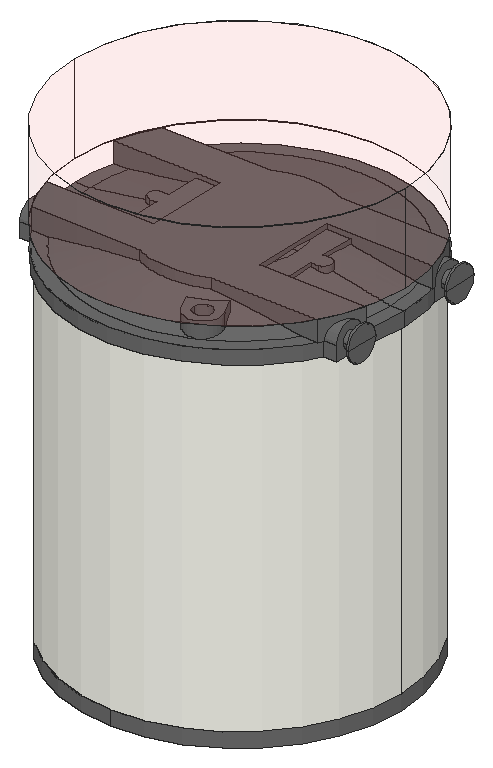
Revit family (continued)
Definition of nested family "Cooling_Plant_Accessories-Calmac-IceBank-Lid_C"
  Dimensions and locks (in)
    aligned and locked: curve 128 to cut or joined group of Revolve 1, Extrusion 2, Extrusion 4, Extrusion 5
    aligned and locked: curve 129 to cut or joined group of Revolve 1, Extrusion 2, Extrusion 4, Extrusion 5
    aligned and locked: curve 130 to cut or joined group of Revolve 1, Extrusion 2, Extrusion 4, Extrusion 5
    aligned and locked: curve 131 to cut or joined group of Revolve 1, Extrusion 2, Extrusion 4, Extrusion 5
    aligned and locked: curve 132 to cut or joined group of Revolve 1, Extrusion 2, Extrusion 4, Extrusion 5
    aligned and locked: curve 133 to cut or joined group of Revolve 1, Extrusion 2, Extrusion 4, Extrusion 5
    aligned and locked: curve 134 to cut or joined group of Revolve 1, Extrusion 2, Extrusion 4, Extrusion 5
    aligned and locked: curve 135 to cut or joined group of Revolve 1, Extrusion 2, Extrusion 4, Extrusion 5
    aligned and locked: curve 136 to cut or joined group of Revolve 1, Extrusion 2, Extrusion 4, Extrusion 5
    aligned and locked: curve 137 to cut or joined group of Revolve 1, Extrusion 2, Extrusion 4, Extrusion 5
    aligned and locked: curve 138 to cut or joined group of Revolve 1, Extrusion 2, Extrusion 4, Extrusion 5
    aligned and locked: curve 139 to cut or joined group of Revolve 1, Extrusion 2, Extrusion 4, Extrusion 5
    aligned and locked: curve 140 to cut or joined group of Revolve 1, Extrusion 2, Extrusion 4, Extrusion 5
    aligned and locked: curve 141 to cut or joined group of Revolve 1, Extrusion 2, Extrusion 4, Extrusion 5
    aligned and locked: curve 142 to cut or joined group of Revolve 1, Extrusion 2, Extrusion 4, Extrusion 5
    aligned and locked: curve 143 to cut or joined group of Revolve 1, Extrusion 2, Extrusion 4, Extrusion 5
    aligned and locked: curve 144 to cut or joined group of Revolve 1, Extrusion 2, Extrusion 4, Extrusion 5
    aligned and locked: curve 145 to cut or joined group of Revolve 1, Extrusion 2, Extrusion 4, Extrusion 5
    aligned and locked: curve 146 to cut or joined group of Revolve 1, Extrusion 2, Extrusion 4, Extrusion 5
    aligned and locked: curve 147 to cut or joined group of Revolve 1, Extrusion 2, Extrusion 4, Extrusion 5
    aligned and locked: curve 148 to cut or joined group of Revolve 1, Extrusion 2, Extrusion 4, Extrusion 5
    aligned and locked: cut or joined group of Revolve 1, Extrusion 2, Extrusion 4, Extrusion 5 to curve 149
    aligned and locked: curve 150 to cut or joined group of Revolve 1, Extrusion 2, Extrusion 4, Extrusion 5
    aligned and locked: curve 151 to cut or joined group of Revolve 1, Extrusion 2, Extrusion 4, Extrusion 5
    aligned and locked: cut or joined group of Revolve 1, Extrusion 2, Extrusion 4, Extrusion 5 to curve 152
    aligned and locked: curve 153 to cut or joined group of Revolve 1, Extrusion 2, Extrusion 4, Extrusion 5
    aligned and locked: curve 154 to cut or joined group of Revolve 1, Extrusion 2, Extrusion 4, Extrusion 5
    aligned and locked: curve 155 to cut or joined group of Revolve 1, Extrusion 2, Extrusion 4, Extrusion 5
    aligned and locked: curve 156 to cut or joined group of Revolve 1, Extrusion 2, Extrusion 4, Extrusion 5
    aligned and locked: curve 157 to cut or joined group of Revolve 1, Extrusion 2, Extrusion 4, Extrusion 5
    aligned and locked: curve 158 to cut or joined group of Revolve 1, Extrusion 2, Extrusion 4, Extrusion 5
    aligned and locked: curve 159 to cut or joined group of Revolve 1, Extrusion 2, Extrusion 4, Extrusion 5
    aligned and locked: curve 160 to cut or joined group of Revolve 1, Extrusion 2, Extrusion 4, Extrusion 5
    aligned and locked: curve 161 to cut or joined group of Revolve 1, Extrusion 2, Extrusion 4, Extrusion 5
    aligned and locked: curve 162 to cut or joined group of Revolve 1, Extrusion 2, Extrusion 4, Extrusion 5
    aligned and locked: curve 163 to cut or joined group of Revolve 1, Extrusion 2, Extrusion 4, Extrusion 5
    aligned and locked: curve 164 to cut or joined group of Revolve 1, Extrusion 2, Extrusion 4, Extrusion 5
    aligned and locked: curve 127 to curve 165
    aligned and locked: plane 19 "Rigging Front" to curve 166
    aligned and locked: plane 9 "Rigging Back" to curve 166
    aligned and locked: curve 121 to curve 167
    aligned and locked: plane 19 "Rigging Front" to curve 168
    aligned and locked: plane 9 "Rigging Back" to curve 168
    aligned and locked: plane 8 "Piping Back" to curve 167  (x2)
    aligned and locked: Masking region 3 sketch curve to plane 5 "Back Connector Back"
    aligned and locked: Masking region 3 sketch curve to plane 44 "Connection Sleeve Left"
    aligned and locked: plane 45 "Connection Sleeve Right" to Masking region 3 sketch curve
    aligned and locked: plane 15 "Front Connection Front" to Masking region 3 sketch curve
    aligned and locked: curve 169 to cut or joined group of Revolve 1, Extrusion 2, Extrusion 4, Extrusion 5
    aligned and locked: curve 170 to cut or joined group of Revolve 1, Extrusion 2, Extrusion 4, Extrusion 5
    aligned and locked: curve 171 to curve 169
    aligned and locked: curve 172 to curve 170
    aligned and locked: curve 173 to cut or joined group of Revolve 1, Extrusion 2, Extrusion 4, Extrusion 5
    aligned and locked: curve 174 to cut or joined group of Revolve 1, Extrusion 2, Extrusion 4, Extrusion 5
    aligned and locked: curve 175 to cut or joined group of Revolve 1, Extrusion 2, Extrusion 4, Extrusion 5
    aligned and locked: curve 176 to cut or joined group of Revolve 1, Extrusion 2, Extrusion 4, Extrusion 5
    aligned and locked: curve 177 to cut or joined group of Revolve 1, Extrusion 2, Extrusion 4, Extrusion 5
    aligned and locked: curve 178 to cut or joined group of Revolve 1, Extrusion 2, Extrusion 4, Extrusion 5
    aligned and locked: curve 179 to cut or joined group of Revolve 1, Extrusion 2, Extrusion 4, Extrusion 5
    aligned and locked: curve 180 to cut or joined group of Revolve 1, Extrusion 2, Extrusion 4, Extrusion 5
    aligned and locked: cut or joined group of Revolve 1, Extrusion 2, Extrusion 4, Extrusion 5 to curve 181
    aligned and locked: curve 182 to cut or joined group of Revolve 1, Extrusion 2, Extrusion 4, Extrusion 5
    aligned and locked: curve 183 to cut or joined group of Revolve 1, Extrusion 2, Extrusion 4, Extrusion 5
    aligned and locked: curve 184 to cut or joined group of Revolve 1, Extrusion 2, Extrusion 4, Extrusion 5
    aligned and locked: curve 185 to cut or joined group of Revolve 1, Extrusion 2, Extrusion 4, Extrusion 5
    aligned and locked: curve 186 to cut or joined group of Revolve 1, Extrusion 2, Extrusion 4, Extrusion 5
    aligned and locked: curve 187 to cut or joined group of Revolve 1, Extrusion 2, Extrusion 4, Extrusion 5
    aligned and locked: curve 188 to cut or joined group of Revolve 1, Extrusion 2, Extrusion 4, Extrusion 5
    aligned and locked: curve 189 to cut or joined group of Revolve 1, Extrusion 2, Extrusion 4, Extrusion 5
    aligned and locked: curve 190 to cut or joined group of Revolve 1, Extrusion 2, Extrusion 4, Extrusion 5
    aligned and locked: cut or joined group of Revolve 1, Extrusion 2, Extrusion 4, Extrusion 5 to curve 191
    aligned and locked: cut or joined group of Revolve 1, Extrusion 2, Extrusion 4, Extrusion 5 to curve 192
    aligned and locked: cut or joined group of Revolve 1, Extrusion 2, Extrusion 4, Extrusion 5 to curve 193
    aligned and locked: cut or joined group of Revolve 1, Extrusion 2, Extrusion 4, Extrusion 5 to curve 194
    aligned and locked: curve 195 to cut or joined group of Revolve 1, Extrusion 2, Extrusion 4, Extrusion 5
    aligned and locked: cut or joined group of Revolve 1, Extrusion 2, Extrusion 4, Extrusion 5 to curve 196
    aligned and locked: curve 197 to cut or joined group of Revolve 1, Extrusion 2, Extrusion 4, Extrusion 5
    aligned and locked: cut or joined group of Revolve 1, Extrusion 2, Extrusion 4, Extrusion 5 to curve 198
    aligned and locked: plane 6 "Back Connector Center" to nested 4
    aligned and locked: nested 4 to plane 44 "Connection Sleeve Left"
    aligned and locked: nested 1 to plane 6 "Back Connector Center"
    aligned and locked: nested 1 to plane 45 "Connection Sleeve Right"
    aligned and locked: plane 16 "Fron Connector Center" to nested 2
    aligned and locked: nested 2 to plane 45 "Connection Sleeve Right"
    aligned and locked: nested 3 to plane 16 "Fron Connector Center"
    aligned and locked: nested 3 to plane 44 "Connection Sleeve Left"
    aligned and locked: plane 2 "Bottom" to curve 201
    aligned and locked: plane 1 "Center (Front/Back)" to curve 201
    aligned and locked: plane 3 "Center (Left/Right)" to nested 5
    aligned and locked: plane 1 "Center (Front/Back)" to nested 5
    aligned: plane 54 "Top of Clearance Box" to nested 5
    aligned: plane 55 "Top" to nested 5  (x4)
    aligned and locked: Masking region 1 to plane 55 "Top"
    aligned and locked: plane 57 "Center (Elevation)" to Extrusion 3 sketch curve  (x4)
    aligned and locked: plane 7 "Back Connector Front" to Extrusion 3 sketch curve
    aligned and locked: plane 55 "Top" to cut or joined group of Revolve 1, Extrusion 2, Extrusion 4, Extrusion 5
    aligned and locked: plane 57 "Center (Elevation)" to curve 172
    aligned and locked: cut or joined group of Revolve 1, Extrusion 2, Extrusion 4, Extrusion 5 to plane 57 "Center (Elevation)"
    aligned: plane 57 "Center (Elevation)" to nested 1  (x2)
    aligned: plane 57 "Center (Elevation)" to nested 2  (x2)
    aligned and locked: plane 57 "Center (Elevation)" to cut or joined group of Revolve 1, Extrusion 2, Extrusion 4, Extrusion 5  (x5)
    aligned and locked: curve 171 to plane 57 "Center (Elevation)"
    aligned: plane 57 "Center (Elevation)" to nested 3
    aligned and locked: curve 120 to plane 56 "Connector Channel Top"
    aligned and locked: curve 114 to plane 56 "Connector Channel Top"
    aligned: Masking region 2 to plane 55 "Top"
    aligned: plane 56 "Connector Channel Top" to Masking region 2
    aligned and locked: plane 21 "Top Front Edge" to Masking region 2
    aligned and locked: plane 58 "Front Inset 2" to Masking region 2
    aligned and locked: plane 57 "Center (Elevation)" to curve 78
    aligned and locked: curve 173 to plane 57 "Center (Elevation)"
    aligned and locked: curve 77 to plane 8 "Piping Back"
    aligned and locked: plane 9 "Rigging Back" to curve 86
    aligned and locked: plane 19 "Rigging Front" to curve 80
    aligned and locked: curve 95 to plane 18 "Piping Front"
    aligned and locked: curve 84 to plane 10 "Rigging Loop Back"
    aligned and locked: curve 82 to plane 20 "Rigging Loop Front"
    aligned and locked: cut or joined group of Revolve 1, Extrusion 2, Extrusion 4, Extrusion 5 to plane 56 "Connector Channel Top"
    aligned and locked: nested 5 to plane 54 "Top of Clearance Box"
    aligned and locked: plane 57 "Center (Elevation)" to nested 1
    aligned and locked: plane 57 "Center (Elevation)" to nested 2
    aligned and locked: plane 57 "Center (Elevation)" to nested 3
    aligned and locked: plane 55 "Top" to nested 5  (x6)
    aligned and locked: plane 54 "Top of Clearance Box" to nested 5  (x4)
    aligned and locked: Masking region 2 sketch curve to plane 55 "Top"
    aligned and locked: plane 56 "Connector Channel Top" to Masking region 2 sketch curve
    aligned and locked: curve 202 to curve 187
    aligned and locked: curve 203 to curve 186
    aligned and locked: curve 204 to curve 185
    aligned and locked: curve 205 to curve 184
    aligned and locked: curve 206 to curve 183
    aligned and locked: curve 207 to curve 182
    aligned and locked: curve 208 to curve 181
    aligned and locked: curve 209 to curve 180
    aligned and locked: curve 210 to curve 179
    aligned and locked: curve 211 to curve 190
    aligned and locked: curve 212 to curve 189
    aligned and locked: curve 213 to curve 188
    aligned and locked: curve 214 to curve 172
    aligned and locked: curve 215 to curve 171
  Automatic sketch dimensions
    Extrusion 4 sketch curve to Extrusion 4 sketch curve = 0"
    Extrusion 5 sketch curve to plane 9 "Rigging Back" = 0"
    Extrusion 2 sketch curve to Extrusion 2 sketch curve = 0"  (x5)
    Extrusion 2 sketch curve to plane 35 "Top Left" = 0"
    Extrusion 2 sketch curve to plane 3 "Center (Left/Right)" = 0"
    Extrusion 2 sketch curve to plane 9 "Rigging Back" = 0"
    plane 30 "Left Lip Inset" to Extrusion 2 sketch curve = 1.96722"  (x2)
    plane 38 "Lid Inset Right" to Extrusion 2 sketch curve = 1.96722"  (x2)
    Extrusion 2 sketch curve to plane 20 "Rigging Loop Front" = 0.60261"
    Extrusion 2 sketch curve to plane 10 "Rigging Loop Back" = 0.60261"
    Masking region 2 sketch curve to plane 27 "Pad Eye Front Center" = 0.69072"
    Masking region 3 sketch curve to Masking region 3 sketch curve = 0"  (x7)
    Masking region 3 sketch curve to plane 5 "Back Connector Back" = 0"
    plane 15 "Front Connection Front" to Masking region 3 sketch curve = 0"
    Masking region 3 sketch curve to plane 43 "Top Right" = 29.61091"
    Masking region 3 sketch curve to plane 45 "Connection Sleeve Right" = 0"
    plane 38 "Lid Inset Right" to Masking region 3 sketch curve = 1.34348"
    Revolve 1 sketch curve to Revolve 1 sketch curve = 3 3/4"
    Revolve 1 sketch curve to Revolve 1 sketch curve = 9"
    Revolve 1 sketch curve to Revolve 1 sketch curve = 0"
    Masking region 1 sketch curve to Masking region 1 sketch curve = 9 1/4"
    Masking region 2 sketch curve to plane 22 "Front Inset" = 0"
    Masking region 2 sketch curve to Masking region 2 sketch curve = 3 3/4"
    Masking region 2 sketch curve to Masking region 2 sketch curve = 0.64281"
    level to Masking region 2 sketch curve = 6.26888"
    level to Masking region 2 sketch curve = 6.54801"
    Masking region 2 sketch curve to Masking region 2 sketch curve = 0.27913"
    Masking region 2 sketch curve to Masking region 2 sketch curve = 3.60719"
    curve 97 to level = 0"
    curve 97 to plane 44 "Connection Sleeve Left" = 0"
    curve 119 to plane 57 "Center (Elevation)" = 0"
    curve 119 to level = 0"
    curve 100 to plane 50 "Top Left Inset" = 0"
    curve 99 to plane 3 "Center (Left/Right)" = 0"
    curve 101 to plane 56 "Connector Channel Top" = 0"
    plane 43 "Top Right" to curve 103 = 0"
    plane 51 "Top Right Inset" to curve 110 = 0"
    curve 116 to plane 57 "Center (Elevation)" = 0"
    plane 45 "Connection Sleeve Right" to curve 114 = 0"
    curve 111 to level = 0"
    curve 100 to plane 55 "Top" = 0"
    curve 110 to plane 55 "Top" = 0"
    plane 44 "Connection Sleeve Left" to curve 117 = 0.88726"
    curve 117 to plane 30 "Left Lip Inset" = 0.835"
    curve 117 to plane 50 "Top Left Inset" = 0.71316"
    curve 119 to curve 98 = 0.55915"
    plane 50 "Top Left Inset" to curve 115 = 4.45635"
    curve 99 to plane 32 "Left Rigging Loop Inset" = 1.17979"
    plane 35 "Top Left" to curve 99 = 0"
    plane 43 "Top Right" to curve 99 = 0.20898"
    plane 57 "Center (Elevation)" to curve 106 = 0.73854"
    curve 106 to plane 43 "Top Right" = 2.02375"
    plane 46 "Right Center" to curve 106 = 0.99812"
    plane 46 "Right Center" to curve 106 = 0.88046"
    curve 108 to plane 46 "Right Center" = 0.34333"
    plane 41 "Right Rigging Loop Left" to curve 107 = 0.48196"
    curve 107 to curve 107 = 0.0769"
    plane 41 "Right Rigging Loop Left" to curve 102 = 0.25712"
    curve 109 to curve 98 = 5.53004"
    curve 116 to plane 51 "Top Right Inset" = 0.55915"
    curve 112 to plane 51 "Top Right Inset" = 0.71316"
    curve 114 to plane 38 "Lid Inset Right" = 0.835"
    plane 45 "Connection Sleeve Right" to curve 112 = 0.88726"
    plane 57 "Center (Elevation)" to curve 107 = 0.21408"
    plane 57 "Center (Elevation)" to curve 101 = 1.59188"
    plane 57 "Center (Elevation)" to curve 112 = 1.76036"
    plane 57 "Center (Elevation)" to curve 118 = 1.76036"
    curve 104 to curve 109 = 1.3737"
    curve 101 to curve 99 = 1.22618"
    level to curve 115 = 6.56901"
    curve 198 to plane 18 "Piping Front" = 0"
    curve 198 to plane 57 "Center (Elevation)" = 0"
    curve 198 to plane 55 "Top" = 0"
    curve 197 to plane 57 "Center (Elevation)" = 0.14855"
    curve 197 to plane 8 "Piping Back" = 0"
    curve 197 to plane 55 "Top" = 0"
    curve 196 to plane 18 "Piping Front" = 0"
    curve 195 to plane 8 "Piping Back" = 0"
    curve 195 to plane 57 "Center (Elevation)" = 0"
    curve 195 to plane 55 "Top" = 0"
    curve 196 to plane 57 "Center (Elevation)" = 0"
    curve 196 to plane 55 "Top" = 0.21345"
    curve 122 to curve 126 = 0"  (x2)
    curve 122 to curve 130 = 0"  (x2)
    curve 122 to curve 134 = 0"  (x2)
    curve 122 to curve 140 = 0"  (x2)
    curve 122 to curve 141 = 0"
    curve 122 to curve 155 = 0"
    curve 122 to curve 156 = 0"  (x2)
    curve 122 to curve 166 = 0"  (x2)
    curve 122 to curve 168 = 0"  (x2)
    curve 122 to curve 171 = 0"  (x2)
    curve 122 to curve 173 = 0"  (x2)
    curve 122 to curve 174 = 0"  (x2)
    curve 122 to curve 175 = 0"  (x2)
    curve 122 to curve 176 = 0"
    curve 122 to curve 177 = 0"  (x2)
    curve 122 to curve 178 = 0"
    curve 128 to curve 186 = 0"  (x2)
    curve 136 to curve 180 = 0"
    curve 161 to curve 163 = 0"
    curve 161 to curve 164 = 0"
    curve 133 to plane 52 "Right Side Chanel" = 0"
    curve 131 to plane 52 "Right Side Chanel" = 0"
    curve 178 to plane 38 "Lid Inset Right" = 0"
    plane 20 "Rigging Loop Front" to curve 145 = 0"
    plane 1 "Center (Front/Back)" to curve 146 = 0"
    curve 143 to plane 41 "Right Rigging Loop Left" = 0"
    curve 147 to plane 41 "Right Rigging Loop Left" = 0"
    curve 189 to plane 42 "Right Rigging Left" = 0"
    curve 128 to plane 43 "Top Right" = 0"
    curve 135 to plane 43 "Top Right" = 0"
    plane 18 "Piping Front" to curve 186 = 0"
    curve 186 to plane 43 "Top Right" = 0"
    curve 165 to plane 3 "Center (Left/Right)" = 0"
    curve 186 to plane 3 "Center (Left/Right)" = 0"
    curve 180 to plane 3 "Center (Left/Right)" = 0"
    curve 167 to plane 3 "Center (Left/Right)" = 0"
    plane 18 "Piping Front" to curve 127 = 0"
    curve 123 to plane 34 "Left Rigging Right" = 0"
    curve 153 to plane 33 "Left Rigging Loop Right" = 0"
    curve 158 to plane 33 "Left Rigging Loop Right" = 0"
    curve 150 to plane 10 "Rigging Loop Back" = 0"
    plane 1 "Center (Front/Back)" to curve 150 = 0"
    curve 122 to plane 50 "Top Left Inset" = 0"
    curve 126 to plane 50 "Top Left Inset" = 0"
    curve 176 to plane 30 "Left Lip Inset" = 0"
    curve 168 to curve 178 = 0"
    curve 130 to curve 174 = 4.45635"
    curve 165 to curve 174 = 0"
    plane 51 "Top Right Inset" to curve 173 = 4.45635"
    curve 167 to curve 173 = 0"
    curve 145 to plane 40 "Right Rigging Loop Inset" = 1.25367"
    curve 161 to plane 24 "Pad Eye Back Left Offset" = 0.24397"
    plane 41 "Right Rigging Loop Left" to curve 161 = 0.73123"
    curve 163 to plane 46 "Right Center" = 0.40154"
    plane 46 "Right Center" to curve 162 = 0.11395"
    curve 161 to plane 42 "Right Rigging Left" = 1.55753"
    curve 141 to plane 42 "Right Rigging Left" = 1.24396"
    plane 25 "Pad Eye Hole" to curve 161 = 0.41045"
    plane 42 "Right Rigging Left" to curve 161 = 2.62837"
    plane 26 "Pad Eye Back Left" to curve 160 = 0.04987"
    plane 43 "Top Right" to curve 160 = 0.20898"
    plane 43 "Top Right" to curve 179 = 0.88239"
    plane 1 "Center (Front/Back)" to curve 159 = 0.00093"
    plane 3 "Center (Left/Right)" to curve 159 = 0.00344"
    curve 156 to plane 34 "Left Rigging Right" = 1.24396"
    curve 150 to plane 32 "Left Rigging Loop Inset" = 1.24992"
    curve 166 to curve 175 = 0"
    curve 180 to plane 10 "Rigging Loop Back" = 0.60261"
    curve 167 to plane 1 "Center (Front/Back)" = 0.00493"
    curve 159 to curve 165 = 0.03088"
    curve 128 to plane 20 "Rigging Loop Front" = 0.60261"
    curve 194 to plane 19 "Rigging Front" = 0"
    curve 193 to plane 9 "Rigging Back" = 0"
    curve 194 to plane 57 "Center (Elevation)" = 0"
    curve 193 to plane 57 "Center (Elevation)" = 0"
    curve 194 to plane 55 "Top" = 0"
    curve 193 to plane 55 "Top" = 0"
    curve 192 to plane 57 "Center (Elevation)" = 0"
    curve 192 to plane 55 "Top" = 0"
    curve 191 to plane 9 "Rigging Back" = 0"
    curve 191 to plane 57 "Center (Elevation)" = 0"
    curve 191 to plane 55 "Top" = 0"
    curve 192 to plane 19 "Rigging Front" = 0"
    curve 92 to plane 21 "Top Front Edge" = 0"
    curve 76 to plane 11 "Top Back Edge" = 0"
    curve 78 to plane 12 "Back Inset" = 0"
    level to curve 74 = 0"
    level to curve 89 = 0"
    level to curve 90 = 0"
    level to curve 75 = 0"
    plane 56 "Connector Channel Top" to curve 81 = 0"
    plane 56 "Connector Channel Top" to curve 85 = 0"
    curve 80 to plane 55 "Top" = 0"
    curve 77 to plane 55 "Top" = 0"
    curve 201 to plane 55 "Top" = 0"
    curve 86 to plane 55 "Top" = 0"
    curve 95 to plane 55 "Top" = 0"
    plane 23 "Pad Eye Back Right" to curve 91 = 0.21387"
    curve 91 to plane 58 "Front Inset 2" = 0.00052"
    plane 22 "Front Inset" to curve 96 = 0.00227"
    plane 18 "Piping Front" to curve 92 = 0.02422"
    curve 93 to plane 20 "Rigging Loop Front" = 0.00136"
    plane 1 "Center (Front/Back)" to curve 94 = 0.0138"
    plane 1 "Center (Front/Back)" to curve 94 = 0.00177"
    curve 93 to plane 1 "Center (Front/Back)" = 0.01386"
    curve 94 to plane 10 "Rigging Loop Back" = 0.00136"
    curve 76 to plane 8 "Piping Back" = 0.00969"
    plane 56 "Connector Channel Top" to curve 93 = 1.56605"
    plane 56 "Connector Channel Top" to curve 76 = 1.45199"
    plane 56 "Connector Channel Top" to curve 92 = 1.45199"
    curve 94 to curve 93 = 0.32132"
    curve 94 to curve 83 = 0.34177"
    curve 94 to curve 84 = 0.00054"
    curve 94 to curve 94 = 0.00054"
    curve 82 to curve 93 = 0.00002"
    curve 93 to curve 93 = 0.00002"
    curve 16 to curve 167 = 1.61517"
    curve 18 to curve 18 = 0.6236"
    curve 17 to plane 11 "Top Back Edge" = 1.60052"
    curve 18 to curve 17 = 0.6236"
    curve 18 to curve 16 = 1.56427"
    curve 16 to curve 17 = 1.24719"
    curve 18 to curve 17 = 0.78196"
    curve 17 to curve 17 = 1.24746"
    curve 16 to curve 17 = 1.56393"
    curve 15 to plane 31 "Left Rigging Loop Left" = 0.92879"
    curve 15 to curve 15 = 0.78196"
    curve 15 to curve 13 = 1.24746"
    curve 15 to curve 14 = 0.78196"
    curve 13 to curve 14 = 1.56393"
    curve 14 to curve 16 = 5.29454"
    curve 15 to curve 14 = 0.6236"
    curve 14 to curve 14 = 1.56427"
    curve 13 to curve 14 = 1.24719"
    plane 1 "Center (Front/Back)" to curve 60 = 0"
    curve 1 to plane 47 "Bolt Inset Right" = 0"
    curve 41 to plane 14 "Front" = 0"
    curve 41 to plane 47 "Bolt Inset Right" = 0"
    curve 42 to plane 3 "Center (Left/Right)" = 0"
    curve 2 to plane 48 "Bolt Inset Left" = 0"
    plane 1 "Center (Front/Back)" to curve 24 = 0"
    plane 4 "Back" to curve 2 = 0"
    plane 4 "Back" to curve 1 = 0"
    plane 49 "Bolt Inset Center" to curve 3 = 0"
    curve 40 to plane 14 "Front" = 0"
    curve 58 to plane 37 "Right" = 0.00227"
    curve 59 to plane 37 "Right" = 0.00227"
    curve 61 to plane 52 "Right Side Chanel" = 0.5656"
    curve 56 to plane 52 "Right Side Chanel" = 0.5656"
    curve 55 to plane 52 "Right Side Chanel" = 0.12048"
    curve 62 to plane 52 "Right Side Chanel" = 0.12048"
    plane 45 "Connection Sleeve Right" to curve 60 = 0.26851"
    curve 56 to plane 38 "Lid Inset Right" = 0.97814"
    curve 63 to plane 38 "Lid Inset Right" = 0.97814"
    curve 63 to plane 38 "Lid Inset Right" = 0.75558"
    curve 57 to plane 38 "Lid Inset Right" = 0.75558"
    curve 62 to plane 38 "Lid Inset Right" = 0.53302"
    curve 55 to plane 38 "Lid Inset Right" = 0.53302"
    curve 53 to plane 23 "Pad Eye Back Right" = 1.03206"
    plane 51 "Top Right Inset" to curve 53 = 3.26006"
    plane 51 "Top Right Inset" to curve 64 = 3.26006"
    plane 26 "Pad Eye Back Left" to curve 52 = 1.31658"
    curve 53 to curve 52 = 1.24719"
    curve 64 to curve 65 = 1.24719"
    curve 64 to curve 66 = 1.56427"
    curve 64 to plane 11 "Top Back Edge" = 1.60052"
    plane 23 "Pad Eye Back Right" to curve 53 = 0.21541"
    curve 53 to curve 53 = 1.56427"
    curve 53 to curve 54 = 0.6236"
    curve 66 to curve 66 = 0.6236"  (x2)
    curve 54 to curve 52 = 0.6236"
    curve 67 to plane 39 "Right Rigging Loop Right" = 3.74019"
    plane 25 "Pad Eye Hole" to curve 50 = 0.6295"
    curve 50 to plane 39 "Right Rigging Loop Right" = 3.74019"
    curve 67 to curve 67 = 1.24746"
    curve 50 to curve 50 = 1.24746"
    curve 49 to plane 25 "Pad Eye Hole" = 0.61769"
    curve 50 to curve 49 = 1.56393"
    curve 67 to curve 68 = 1.56393"
    curve 69 to curve 69 = 0.78196"
    curve 50 to curve 51 = 0.78196"
    curve 49 to plane 39 "Right Rigging Loop Right" = 0.92879"
    curve 69 to plane 39 "Right Rigging Loop Right" = 0.92879"
    plane 41 "Right Rigging Loop Left" to curve 47 = 0.54143"
    plane 41 "Right Rigging Loop Left" to curve 70 = 0.54143"
    plane 41 "Right Rigging Loop Left" to curve 48 = 1.40954"
    plane 41 "Right Rigging Loop Left" to curve 72 = 1.40954"
    curve 72 to plane 46 "Right Center" = 0.53926"
    curve 48 to plane 46 "Right Center" = 0.53926"
    plane 22 "Front Inset" to curve 46 = 0.13961"
    curve 46 to plane 46 "Right Center" = 0.50624"
    plane 12 "Back Inset" to curve 71 = 0.13961"
    curve 71 to plane 46 "Right Center" = 0.50624"
    plane 46 "Right Center" to curve 48 = 0.36187"
    plane 46 "Right Center" to curve 72 = 0.36187"
    curve 4 to plane 43 "Top Right" = 1.29276"
    curve 44 to plane 43 "Top Right" = 1.29276"
    curve 45 to plane 43 "Top Right" = 0.84755"
    plane 13 "Back Bolt Front" to curve 6 = 0.28224"
    curve 6 to plane 43 "Top Right" = 0.84755"
    plane 43 "Top Right" to curve 45 = 0.12755"
    plane 13 "Back Bolt Front" to curve 6 = 0.05968"
    plane 43 "Top Right" to curve 6 = 0.12755"
    plane 43 "Top Right" to curve 43 = 0.65743"
    plane 43 "Top Right" to curve 5 = 0.65743"
    curve 45 to curve 43 = 0.97509"
    curve 5 to plane 13 "Back Bolt Front" = 0.16288"
    curve 9 to plane 13 "Back Bolt Front" = 0.16288"
    plane 35 "Top Left" to curve 9 = 1.10264"
    plane 35 "Top Left" to curve 38 = 1.10264"
    plane 35 "Top Left" to curve 38 = 0.65743"
    plane 35 "Top Left" to curve 7 = 0.65743"
    plane 35 "Top Left" to curve 39 = 0.12755"
    plane 13 "Back Bolt Front" to curve 9 = 0.05968"
    plane 35 "Top Left" to curve 9 = 0.12755"
    curve 39 to plane 22 "Front Inset" = 0.53076"
    curve 39 to plane 35 "Top Left" = 0.84755"
    plane 13 "Back Bolt Front" to curve 8 = 0.28224"
    curve 8 to plane 35 "Top Left" = 1.29276"
    curve 37 to plane 35 "Top Left" = 1.29276"
    plane 33 "Left Rigging Loop Right" to curve 36 = 3.21178"
    plane 33 "Left Rigging Loop Right" to curve 12 = 3.21178"
    plane 12 "Back Inset" to curve 10 = 0.13961"
    curve 10 to curve 10 = 0.8681"
    plane 22 "Front Inset" to curve 35 = 0.13961"
    curve 36 to curve 35 = 0.8681"
    curve 12 to curve 12 = 0.90112"
    curve 35 to curve 36 = 0.90112"
    curve 12 to curve 11 = 0.90112"
    curve 36 to plane 58 "Front Inset 2" = 0.83541"
    curve 36 to curve 36 = 0.90112"
    plane 33 "Left Rigging Loop Right" to curve 11 = 0.54143"
    plane 33 "Left Rigging Loop Right" to curve 34 = 0.54143"
    curve 32 to plane 31 "Left Rigging Loop Left" = 0.92879"
    curve 32 to curve 33 = 0.78196"
    curve 32 to plane 25 "Pad Eye Hole" = 0.61769"
    curve 33 to curve 32 = 1.24746"
    curve 33 to curve 33 = 0.78196"
    plane 25 "Pad Eye Hole" to curve 31 = 0.6295"
    curve 32 to curve 31 = 1.56393"
    curve 30 to curve 165 = 1.61517"
    curve 29 to plane 23 "Pad Eye Back Right" = 1.34852"
    curve 29 to curve 30 = 0.6236"
    plane 23 "Pad Eye Back Right" to curve 28 = 0.21541"
    curve 30 to curve 28 = 0.6236"
    plane 26 "Pad Eye Back Left" to curve 29 = 1.31658"
    curve 30 to curve 29 = 1.56427"
    curve 28 to plane 23 "Pad Eye Back Right" = 1.03206"
    curve 29 to curve 28 = 1.24719"
    curve 19 to plane 30 "Left Lip Inset" = 0.53302"
    curve 27 to plane 30 "Left Lip Inset" = 0.53302"
    curve 21 to plane 30 "Left Lip Inset" = 0.75558"
    curve 27 to plane 30 "Left Lip Inset" = 0.75558"
    curve 20 to plane 30 "Left Lip Inset" = 0.97814"
    curve 27 to plane 30 "Left Lip Inset" = 0.97814"
    plane 44 "Connection Sleeve Left" to curve 23 = 0.26851"
    curve 26 to plane 53 "Left Side Channel" = 0.12048"
    curve 19 to plane 53 "Left Side Channel" = 0.12048"
    curve 20 to plane 53 "Left Side Channel" = 0.5656"
    curve 25 to plane 53 "Left Side Channel" = 0.5656"
    curve 22 to plane 29 "Left" = 0.00227"
    curve 23 to plane 29 "Left" = 0.00227"
    plane 4 "Back" to curve 5 = 0.88851"
    plane 4 "Back" to curve 7 = 0.88851"
    curve 8 to plane 49 "Bolt Inset Center" = 0.66715"
    curve 4 to plane 49 "Bolt Inset Center" = 0.66715"
    plane 12 "Back Inset" to curve 11 = 1.00752"
    plane 12 "Back Inset" to curve 70 = 1.00752"
    plane 12 "Back Inset" to curve 10 = 1.94225"
    plane 12 "Back Inset" to curve 71 = 1.94225"
    curve 12 to curve 12 = 0.43396"
    curve 71 to curve 72 = 0.43396"
    plane 12 "Back Inset" to curve 68 = 5.22954"
    curve 68 to curve 67 = 1.24719"
    curve 68 to curve 68 = 1.56427"
    curve 68 to curve 69 = 0.6236"
    curve 65 to curve 64 = 2.81139"
    curve 65 to curve 64 = 1.56393"
    curve 65 to curve 66 = 0.78196"
    curve 19 to plane 9 "Rigging Back" = 0.41389"
    curve 62 to plane 9 "Rigging Back" = 0.41389"
    curve 21 to plane 9 "Rigging Back" = 0.85911"
    curve 62 to plane 9 "Rigging Back" = 0.85911"
    curve 62 to curve 63 = 0.97509"
    curve 21 to curve 21 = 0.97509"
    curve 62 to curve 61 = 1.95019"
    curve 19 to curve 20 = 1.95019"
    curve 59 to plane 10 "Rigging Loop Back" = 0.99983"
    curve 24 to plane 10 "Rigging Loop Back" = 0.99983"
    curve 25 to plane 19 "Rigging Front" = 2.80929"
    curve 56 to plane 19 "Rigging Front" = 2.80929"
    curve 57 to curve 56 = 0.44521"
    curve 25 to curve 25 = 0.44521"
    curve 56 to curve 57 = 0.97509"
    curve 27 to curve 27 = 0.97509"
    curve 26 to plane 19 "Rigging Front" = 0.41389"
    curve 55 to plane 19 "Rigging Front" = 0.41389"
    curve 54 to plane 23 "Pad Eye Back Right" = 0.56656"
    curve 33 to curve 31 = 1.56427"
    curve 51 to curve 50 = 1.56427"
    curve 50 to curve 51 = 0.6236"
    curve 33 to curve 33 = 0.6236"
    curve 48 to plane 58 "Front Inset 2" = 0.83541"
    curve 36 to curve 36 = 0.43396"
    curve 47 to curve 48 = 0.43396"
    plane 22 "Front Inset" to curve 47 = 1.00752"
    plane 22 "Front Inset" to curve 34 = 1.00752"
    curve 44 to plane 22 "Front Inset" = 0.53076"
    curve 39 to plane 22 "Front Inset" = 0.75332"
    curve 45 to plane 22 "Front Inset" = 0.75332"
    curve 40 to plane 22 "Front Inset" = 1.81422"
    plane 14 "Front" to curve 44 = 1.33363"
    plane 14 "Front" to curve 37 = 1.33363"
    plane 14 "Front" to curve 43 = 0.88851"
    plane 14 "Front" to curve 38 = 0.88851"
    curve 200 to plane 3 "Center (Left/Right)" = 0"
    curve 210 to curve 209 = 0.88239"
    curve 199 to plane 37 "Right" = 0"
    plane 1 "Center (Front/Back)" to curve 199 = 0"
    curve 199 to plane 29 "Left" = 0"
    curve 214 to curve 216 = 0"  (x2)
    curve 214 to curve 217 = 0"  (x2)
    curve 202 to plane 51 "Top Right Inset" = 0"
    plane 14 "Front" to curve 200 = 0.00227"
    curve 207 to plane 53 "Left Side Channel" = 0"
    plane 4 "Back" to curve 200 = 0.00227"
  Nested families (in)
    nested 1: "Cooling_Plant_Accessories-Calmac-IceBank-4-Inch Flanged Connection" at (42.58273, 16.5, 3.75), Pipe Material <- "Pipe Material", visible <- "Is Back Right Flanged Connector Visibility", type "Flanged Connection"
      with Pipe Material Plastic- Calmac- Black
    nested 2: "Cooling_Plant_Accessories-Calmac-IceBank-4-Inch Flanged Connection" at (42.58273, -16.5, 3.75), Pipe Material <- "Pipe Material", visible <- "Is Front Right  Flanged Connector Visibility", type "Flanged Connection"
      with Pipe Material Plastic- Calmac- Black
    nested 3: "Cooling_Plant_Accessories-Calmac-IceBank-4-Inch Flanged Connection" at (-42.58273, -16.5, 3.75) x (-1, 0, 0) z (0, 0, 1), Pipe Material <- "Pipe Material", visible <- "Is Front Left  Flanged Connector Visibility", type "Flanged Connection"
      with Pipe Material Plastic- Calmac- Black
    nested 4: "Cooling_Plant_Accessories-Calmac-IceBank-4-Inch Flanged Connection" at (-42.58273, 16.5, 3.75) x (-1, 0, 0) z (0, 0, 1), Pipe Material <- "Pipe Material", visible <- "Is Back Left  Flanged Connector Visibility", type "Flanged Connection"
      with Pipe Material Plastic- Calmac- Black
    nested 5: "Cooling_Plant_Accessories-Calmac-IceBankClearance Box" at (0, 0, 15.25), CTRL Radius <- "CTRL Radius", visible <- "Is Clearance Box Visible", type "Include Clearance"
      with Width 88 5/8", Height 36", Depth 88 5/8", CTRL Radius 44 5/16"
  Definition of nested family "Cooling_Plant_Accessories-Calmac-IceBank-4-Inch Flanged Connection"
    Parameters (values of type "4"")
      Pipe Material [instance] = none
      No Flange = not(Has Flange)  # no
      Has Flange = yes
    Reference planes (in)
      plane 1 "Center (Front/Back)": y = 0
      plane 2 "Center (Elevation)": z = 0
      plane 3 "Center (Left/Right)": x = 0
      plane 4 "Back": y = 4.5
      plane 5 "Back Face": x = 2.79297
      plane 6 "Base Back": y = 2.25
      plane 7 "Fase Back": y = 3
      plane 8 "Front": y = -4.5
      plane 9 "Base Front": y = -2.25
      plane 10 "Face Front": y = -3
      plane 11 "Face": x = 3.41797
      plane 12 "T.O. Flange": z = 4.5
      plane 13 "T.O. Pipe": z = 2.25
      plane 14 "B.O. Flange": z = -4.5
      plane 15 "B.O. Pipe": z = -2.25
    Forms (in)
      Revolve 1, solid, material <- "Pipe Material", visible <- "Has Flange", detail levels fine
        sketch origin (0, 0, 0) x (1, 0, 0) y (0, 1, 0)
          loop
            line (0, 2.25) -> (0, 0) -> (3.41797, 0) -> (3.41797, 4.5) -> (2.79297, 4.5) -> (2.79297, 2.25) -> (0, 2.25)
          axis (0, 0) -> (3.41797, 0)
        angle from 0 to 360
      Extrusion 2, solid, material <- "Pipe Material", visible <- "No Flange", detail levels fine
        sketch origin (3.41797, 0, 0) x (0, 1, 0) y (0, 0, 1)
          loop
            circle (0, 0) r 2.25
        from -3.41797 to 0
    Lines and regions (in)
      Masking region 1, detail levels fine
        outline origin (0, 0, 0) x (0, 1, 0) y (0, 0, 1)
          loop
            circle (0, 0) r 4.5
      Masking region 2, detail levels fine
        outline origin (0, 0, 0) x (1, 0, 0) y (0, 0, 1)
          loop
            line (3.41797, 4.5) -> (2.79297, 4.5) -> (2.79297, 2.25) -> (0, 2.25) -> (0, -2.25) -> (2.79297, -2.25) -> (2.79297, -4.5) -> (3.41797, -4.5) -> (3.41797, 4.5)
      Masking region 3, visible <- "Has Flange", detail levels fine
        outline origin (0, 0, 0) x (1, 0, 0) y (0, 1, 0)
          loop
            line (0, 2.25) -> (0, -2.25) -> (2.79297, -2.25) -> (2.79297, -4.5) -> (3.41797, -4.5) -> (3.41797, 4.5) -> (2.79297, 4.5) -> (2.79297, 2.25) -> (0, 2.25)
      Masking region 4, visible <- "No Flange", detail levels fine
        outline origin (0, 0, 0) x (1, 0, 0) y (0, 1, 0)
          loop
            line (0, 2.25) -> (0, -2.25) -> (3.41797, -2.25) -> (3.41797, 2.25) -> (0, 2.25)
      model lines, style "Piping", detail levels medium
        curve 1: line (0, 0, 0) -> (3.41797, 0, 0)
        curve 2: arc (3.41797, -4.5, 0) -> (3.41797, 0, 4.5) -> (3.41797, 4.5, 0) r 4.5
        curve 3: arc (3.41797, 4.5, 0) -> (3.41797, 0, -4.5) -> (3.41797, -4.5, 0) r 4.5
      symbolic lines, detail levels coarse+medium
        curve 4: line (0, 0, 0) -> (3.41797, 0, 0)
        curve 5: line (0, 0, 0) -> (3.41797, 0, 0)
    Dimensions and locks (in)
      locked: plane 4 "Back" to plane 7 "Fase Back" at 1.5
      locked: plane 4 "Back" to plane 6 "Base Back" at 2.25
      locked: plane 8 "Front" to plane 10 "Face Front" at 1.5
      locked: plane 8 "Front" to plane 9 "Base Front" at 2.25
      locked: plane 1 "Center (Front/Back)" to plane 6 "Base Back" at 2.25
      locked: plane 9 "Base Front" to plane 1 "Center (Front/Back)" at 2.25
      locked: plane 3 "Center (Left/Right)" to plane 11 "Face" at 3.41797
      locked: plane 5 "Back Face" to plane 11 "Face" at 0.625
      locked: plane 2 "Center (Elevation)" to plane 14 "B.O. Flange" at 4.5
      locked: plane 2 "Center (Elevation)" to plane 15 "B.O. Pipe" at 2.25
      locked: plane 12 "T.O. Flange" to plane 2 "Center (Elevation)" at 4.5
      locked: plane 12 "T.O. Flange" to plane 13 "T.O. Pipe" at 2.25
      aligned and locked: Revolve 1 sketch curve to plane 3 "Center (Left/Right)"
      aligned and locked: Revolve 1 sketch curve to plane 5 "Back Face"
      aligned and locked: Revolve 1 sketch curve to plane 11 "Face"
      aligned and locked: Revolve 1 sketch curve to plane 1 "Center (Front/Back)"
      aligned and locked: Revolve 1 sketch curve to plane 4 "Back"
      aligned and locked: Revolve 1 sketch curve to plane 6 "Base Back"
      aligned and locked: plane 1 "Center (Front/Back)" to Revolve 1 sketch curve  (x2)
      aligned and locked: plane 3 "Center (Left/Right)" to Revolve 1 sketch curve
      aligned and locked: Masking region 1 sketch curve to Revolve 1  (x2)
      aligned and locked: Masking region 2 sketch curve to Revolve 1  (x3)
      aligned and locked: Masking region 2 sketch curve to plane 5 "Back Face"
      aligned and locked: Masking region 2 sketch curve to plane 3 "Center (Left/Right)"
      aligned and locked: Masking region 3 sketch curve to plane 3 "Center (Left/Right)"
      aligned and locked: Masking region 3 sketch curve to plane 4 "Back"
      aligned and locked: Masking region 3 sketch curve to plane 6 "Base Back"
      aligned and locked: plane 9 "Base Front" to Masking region 3 sketch curve
      aligned and locked: plane 8 "Front" to Masking region 3 sketch curve
      aligned and locked: Masking region 3 sketch curve to plane 11 "Face"
      aligned and locked: Masking region 3 sketch curve to plane 5 "Back Face"  (x2)
      aligned and locked: plane 1 "Center (Front/Back)" to curve 1
      aligned and locked: plane 3 "Center (Left/Right)" to curve 1
      aligned and locked: curve 2 to Revolve 1
      aligned and locked: curve 3 to Revolve 1
      aligned and locked: plane 11 "Face" to curve 1
      aligned and locked: plane 11 "Face" to curve 4
      aligned and locked: plane 3 "Center (Left/Right)" to curve 4
      aligned and locked: plane 1 "Center (Front/Back)" to curve 4
      aligned and locked: plane 11 "Face" to curve 5
      aligned and locked: plane 3 "Center (Left/Right)" to curve 5
      aligned and locked: curve 5 to plane 2 "Center (Elevation)"
      aligned and locked: Masking region 2 to plane 12 "T.O. Flange"
      aligned and locked: plane 13 "T.O. Pipe" to Masking region 2
      aligned and locked: plane 2 "Center (Elevation)" to curve 1
      aligned and locked: plane 15 "B.O. Pipe" to Masking region 2
      aligned and locked: Masking region 2 to plane 14 "B.O. Flange"
      aligned and locked: plane 1 "Center (Front/Back)" to Extrusion 2 sketch curve
      aligned and locked: plane 2 "Center (Elevation)" to Extrusion 2 sketch curve
      aligned and locked: Extrusion 2 to plane 3 "Center (Left/Right)"
      aligned and locked: plane 11 "Face" to Extrusion 2
      aligned and locked: Masking region 4 sketch curve to plane 9 "Base Front"
      aligned and locked: Masking region 4 sketch curve to plane 6 "Base Back"
      aligned and locked: plane 3 "Center (Left/Right)" to Masking region 4 sketch curve
      aligned and locked: Masking region 4 sketch curve to plane 11 "Face"
  Definition of nested family "Cooling_Plant_Accessories-Calmac-IceBankClearance Box"
    Parameters (values of type "Include Clearance")
      Width [instance] = CTRL Radius * 2  # 89"
      Height [instance] = 36"
      Depth [instance] = Width  # 89"
      Clearance Material = Clearance
      CTRL Radius [instance] = 44 1/2"
      Assembly Code = ""
    Reference planes (in)
      plane 1 "Center (Front/Back)": y = 0
      plane 2 "Bottom": z = -6
      plane 3 "Center (Left/Right)": x = 0
      plane 4 "Top": z = 30
      plane 5 "Back": y = 44.5
      plane 6 "Left": x = -44.5
      plane 7 "Front": y = -44.5
      plane 8 "Right": x = 44.5
      plane 9 "Center (Elevation)": z = 12
    Forms (in)
      Extrusion 1, solid, material "Clearance" <- "Clearance Material"
        sketch origin (0, 0, 30) x (-1, 0, 0) y (0, -1, 0)
          loop
            circle (0, 0) r 44.5
        from -36 to 0
    Lines and regions (in)
      symbolic lines, style "Clearance"
        curve 1: line (-44.5, 0, 30) -> (44.5, 0, 30)
        curve 2: line (-44.5, 0, -6) -> (-44.5, 0, 30)
        curve 3: line (44.5, 0, -6) -> (-44.5, 0, -6)
        curve 4: line (44.5, 0, 30) -> (44.5, 0, -6)
        curve 5: line (0, -44.5, 30) -> (0, 44.5, 30)
        curve 6: line (0, -44.5, -6) -> (0, -44.5, 30)
        curve 7: line (0, 44.5, -6) -> (0, -44.5, -6)
        curve 8: line (0, 44.5, 30) -> (0, 44.5, -6)
        curve 9: circle (0, 0, 30) r 44.5 normal (0, 0, 1)
    Dimensions and locks (in)
      "Height": plane 4 "Top" to plane 2 "Bottom"
      "Depth": plane 5 "Back" to plane 7 "Front"
      "Width": plane 6 "Left" to plane 8 "Right"
      equal spacing: plane 6 "Left", plane 3 "Center (Left/Right)", plane 8 "Right"
      equal spacing: plane 5 "Back", plane 1 "Center (Front/Back)", plane 7 "Front"
      equal spacing: plane 4 "Top", plane 9 "Center (Elevation)", plane 2 "Bottom"
      "CTRL Radius": radius of Extrusion 1 sketch curve
      "CTRL Radius": radius of curve 9
      aligned: level to plane 2 "Bottom"
      aligned and locked: plane 3 "Center (Left/Right)" to Extrusion 1 sketch curve
      aligned and locked: plane 1 "Center (Front/Back)" to Extrusion 1 sketch curve
      aligned and locked: plane 3 "Center (Left/Right)" to curve 9
      aligned and locked: plane 1 "Center (Front/Back)" to curve 9
      aligned and locked: Extrusion 1 to plane 2 "Bottom"
      aligned and locked: plane 2 "Bottom" to curve 3
      aligned and locked: plane 2 "Bottom" to curve 7
      aligned and locked: plane 4 "Top" to Extrusion 1
      aligned and locked: curve 1 to plane 4 "Top"
      aligned and locked: curve 5 to plane 4 "Top"
      aligned and locked: curve 8 to plane 5 "Back"
      aligned and locked: curve 6 to plane 7 "Front"
      aligned and locked: curve 4 to plane 8 "Right"
      aligned and locked: curve 2 to plane 6 "Left"
